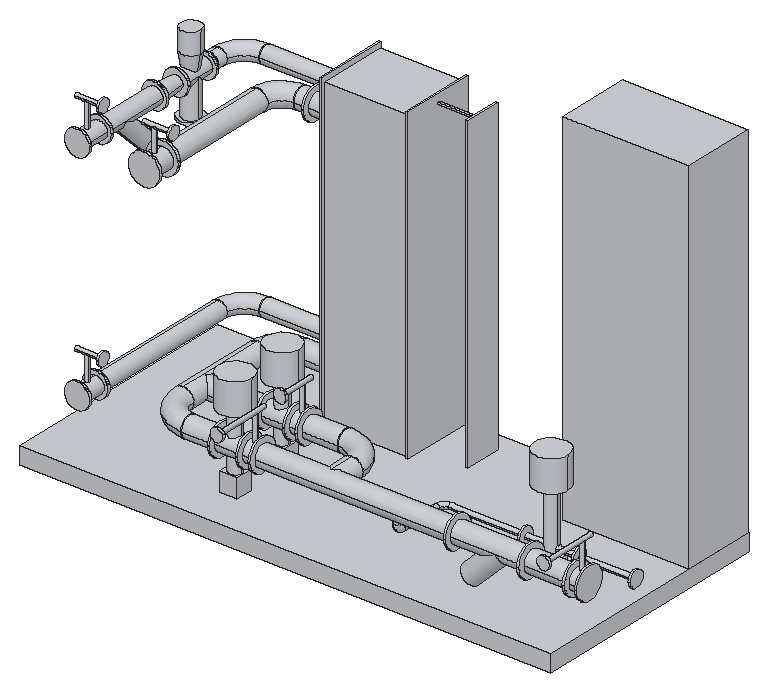
Revit family "换热机组 - 0.5-4.0 MW", category 机械设备, Revit 2020 (continued)
Dimensions and locks
  aligned and locked: Extrusion 52 to plane 128
  aligned and locked: plane 14 to Extrusion 53 sketch curve
  aligned and locked: plane 139 to Extrusion 53 sketch curve
  aligned and locked: Extrusion 53 to plane 140
  aligned and locked: plane 133 to Extrusion 53
  aligned and locked: Extrusion 54 to plane 133
  aligned and locked: plane 134 to Extrusion 54
  aligned and locked: plane 14 to Extrusion 55 sketch curve
  aligned and locked: plane 139 to Extrusion 55 sketch curve
  aligned and locked: Extrusion 55 to plane 134
  aligned and locked: plane 135 to Extrusion 55
  aligned and locked: plane 13 to Extrusion 56 sketch curve
  aligned and locked: plane 139 to Extrusion 56 sketch curve
  aligned and locked: Extrusion 56 to plane 140
  aligned and locked: plane 133 to Extrusion 56
  aligned and locked: plane 13 to Extrusion 57 sketch curve
  aligned and locked: plane 139 to Extrusion 57 sketch curve
  aligned and locked: Extrusion 57 to plane 133
  aligned and locked: plane 134 to Extrusion 57
  aligned and locked: plane 13 to Extrusion 58 sketch curve
  aligned and locked: plane 139 to Extrusion 58 sketch curve
  aligned and locked: Extrusion 58 to plane 134
  aligned and locked: plane 135 to Extrusion 58
  aligned and locked: plane 140 to Extrusion 59 sketch curve
  aligned and locked: Extrusion 59 sketch curve to plane 9
  aligned and locked: Extrusion 59 sketch curve to plane 106
  aligned and locked: plane 107 to Extrusion 59 sketch curve
  aligned and locked: Extrusion 59 to plane 138
  aligned and locked: plane 137 to Extrusion 59
  aligned and locked: plane 140 to Extrusion 60 sketch curve
  aligned and locked: Extrusion 60 sketch curve to plane 9
  aligned and locked: Extrusion 60 sketch curve to plane 106
  aligned and locked: plane 107 to Extrusion 60 sketch curve
  aligned and locked: plane 141 to Extrusion 60
  aligned and locked: Extrusion 60 to plane 142
  aligned and locked: plane 14 to Extrusion 61 sketch curve
  aligned and locked: plane 143 to Extrusion 61 sketch curve
  aligned and locked: Extrusion 61 to plane 133
  aligned and locked: plane 134 to Extrusion 61
  aligned and locked: plane 14 to Extrusion 62 sketch curve
  aligned and locked: plane 143 to Extrusion 62 sketch curve
  aligned and locked: Extrusion 62 to plane 134
  aligned and locked: plane 135 to Extrusion 62
  aligned and locked: plane 144 to Extrusion 63 sketch curve
  aligned and locked: Extrusion 63 sketch curve to plane 9
  aligned and locked: Extrusion 63 sketch curve to plane 145
  aligned and locked: plane 146 to Extrusion 63 sketch curve
  aligned and locked: plane 147 to Extrusion 63
  aligned and locked: Extrusion 63 to plane 148
  aligned and locked: plane 14 to Extrusion 64 sketch curve
  aligned and locked: plane 143 to Extrusion 64 sketch curve
  aligned and locked: Extrusion 64 to plane 144
  aligned and locked: plane 133 to Extrusion 64
  aligned and locked: plane 150 to Extrusion 65 sketch curve
  aligned and locked: plane 151 to Extrusion 65 sketch curve
  aligned and locked: Extrusion 65 to plane 153
  aligned and locked: plane 150 to Extrusion 66 sketch curve
  aligned and locked: plane 151 to Extrusion 66 sketch curve
  aligned and locked: plane 157 to Extrusion 66
  aligned and locked: plane 159 to Extrusion 67 sketch curve
  aligned and locked: plane 151 to Extrusion 67 sketch curve
  aligned and locked: Extrusion 67 to plane 153
  aligned and locked: plane 154 to Extrusion 67
  aligned and locked: plane 162 to Extrusion 68 sketch curve
  aligned and locked: plane 160 to Extrusion 68 sketch curve
  aligned and locked: plane 162 to Extrusion 69 sketch curve
  aligned and locked: plane 164 to Extrusion 69 sketch curve
  aligned and locked: plane 154 to Extrusion 65
  aligned and locked: Extrusion 66 to plane 156
  aligned and locked: plane 162 to Extrusion 70 sketch curve
  aligned and locked: plane 160 to Extrusion 70 sketch curve
  aligned and locked: plane 166 to Extrusion 70
  aligned and locked: Extrusion 70 to plane 167
  aligned and locked: plane 170 to Extrusion 71 sketch curve
  aligned and locked: plane 16 to Extrusion 71 sketch curve
  aligned and locked: Extrusion 71 to plane 171
  aligned and locked: plane 172 to Extrusion 71
  aligned and locked: plane 171 to SweptBlend 72 sketch curve
  aligned and locked: plane 11 to SweptBlend 72 sketch curve
  aligned and locked: plane 170 to SweptBlend 72 sketch curve  (x3)
  aligned and locked: plane 16 to SweptBlend 72 sketch curve  (x2)
  aligned and locked: plane 170 to Extrusion 73 sketch curve
  aligned and locked: plane 16 to Extrusion 73 sketch curve
  aligned and locked: plane 176 to Extrusion 73
  aligned and locked: Extrusion 73 to plane 177
  aligned and locked: plane 170 to Extrusion 74 sketch curve
  aligned and locked: plane 16 to Extrusion 74 sketch curve
  aligned and locked: plane 11 to Extrusion 74
  aligned and locked: Extrusion 74 to plane 177
  aligned and locked: plane 168 to Extrusion 75 sketch curve
  aligned and locked: plane 16 to Extrusion 75 sketch curve
  aligned and locked: Extrusion 75 to plane 10
  aligned and locked: plane 159 to Extrusion 75
  aligned and locked: plane 159 to Extrusion 76 sketch curve
  aligned and locked: plane 168 to Extrusion 76 sketch curve
  aligned and locked: plane 153 to Extrusion 76
  aligned and locked: Extrusion 76 to plane 178
  aligned and locked: plane 168 to Extrusion 77 sketch curve
  aligned and locked: plane 16 to Extrusion 77 sketch curve
  aligned and locked: Extrusion 77 to plane 11
  aligned and locked: plane 150 to Extrusion 77
  aligned and locked: plane 150 to Extrusion 78 sketch curve
  aligned and locked: plane 168 to Extrusion 78 sketch curve
  aligned and locked: Extrusion 78 to plane 178
  aligned and locked: plane 153 to Extrusion 78
  aligned and locked: plane 150 to Extrusion 79 sketch curve
  aligned and locked: plane 168 to Extrusion 79 sketch curve
  aligned and locked: Extrusion 79 to plane 179
  aligned and locked: plane 156 to Extrusion 79
  aligned and locked: plane 168 to Extrusion 80 sketch curve
  aligned and locked: plane 15 to Extrusion 80 sketch curve
  aligned and locked: Extrusion 80 to plane 11
  aligned and locked: plane 150 to Extrusion 80
  aligned and locked: plane 14 to Extrusion 81 sketch curve
  aligned and locked: plane 160 to Extrusion 81 sketch curve
  aligned and locked: Extrusion 81 to plane 10
  aligned and locked: plane 162 to Extrusion 81
  aligned and locked: plane 13 to Extrusion 82 sketch curve
  aligned and locked: plane 160 to Extrusion 82 sketch curve
  aligned and locked: Extrusion 82 to plane 10
  aligned and locked: plane 162 to Extrusion 82
  aligned and locked: plane 162 to Extrusion 83 sketch curve
  aligned and locked: plane 160 to Extrusion 83 sketch curve
  aligned and locked: plane 162 to Extrusion 84 sketch curve
  aligned and locked: plane 160 to Extrusion 84 sketch curve
  aligned and locked: Extrusion 83 to plane 166
  aligned and locked: Extrusion 83 to plane 180
  aligned and locked: Extrusion 84 to plane 181
  aligned and locked: plane 10 to Extrusion 85 sketch curve
  aligned and locked: plane 16 to Extrusion 85 sketch curve
  aligned and locked: plane 182 to Extrusion 85
  aligned and locked: Extrusion 85 to plane 183
  aligned and locked: plane 13 to Extrusion 86 sketch curve
  aligned and locked: plane 164 to Extrusion 86 sketch curve
  aligned and locked: plane 162 to Extrusion 86
  aligned and locked: Extrusion 86 to plane 10
  aligned and locked: plane 162 to Extrusion 87 sketch curve
  aligned and locked: plane 164 to Extrusion 87 sketch curve
  aligned and locked: Extrusion 87 to plane 181
  aligned and locked: profile plane to Sweep 88 sketch curve  (x2)
  aligned and locked: plane 35 to Sweep 88 sketch curve  (x2)
  aligned and locked: plane 37 to Sweep 88 sketch curve
  aligned and locked: plane 34 to Sweep 88 sketch curve
  aligned and locked: profile plane to Sweep 89 sketch curve  (x2)
  aligned and locked: plane 69 to Sweep 89 sketch curve  (x2)
  aligned and locked: plane 40 to Sweep 89 sketch curve  (x2)
  aligned and locked: plane 35 to Sweep 90 sketch curve  (x2)
  aligned and locked: plane 34 to Sweep 90 sketch curve  (x2)
  aligned and locked: plane 40 to Sweep 91 sketch curve  (x2)
  aligned and locked: plane 69 to Sweep 91 sketch curve  (x2)
  aligned and locked: plane 188 to curve 1
  aligned and locked: curve 1 to plane 186
  aligned and locked: plane 5 to curve 2
  aligned and locked: plane 188 to curve 2
  aligned and locked: curve 2 to plane 187
  aligned and locked: plane 195 to curve 4
  aligned and locked: curve 4 to plane 194
  aligned and locked: plane 5 to curve 3
  aligned and locked: plane 195 to curve 3
  aligned and locked: curve 3 to plane 193
  aligned and locked: plane 199 to curve 5
  aligned and locked: plane 6 to curve 6
  aligned and locked: plane 199 to curve 6
  aligned and locked: curve 6 to plane 198
  aligned and locked: curve 5 to plane 197
  aligned and locked: plane 9 to Extrusion 92 sketch curve
  aligned and locked: Extrusion 92 sketch curve to plane 2
  aligned and locked: Extrusion 92 sketch curve to plane 7
  aligned and locked: plane 1 "中心(前/后)" to Extrusion 92 sketch curve
  aligned and locked: Extrusion 92 to plane 3 "中心(左/右)"
  aligned and locked: plane 5 to Extrusion 92
  aligned and locked: plane 8 to Extrusion 93 sketch curve
  aligned and locked: Extrusion 93 sketch curve to plane 2
  aligned and locked: Extrusion 93 sketch curve to plane 3 "中心(左/右)"
  aligned and locked: plane 5 to Extrusion 93 sketch curve
  aligned and locked: plane 1 "中心(前/后)" to Extrusion 93
  aligned and locked: Extrusion 93 to plane 7
  aligned and locked: plane 216 to curve 7
  aligned and locked: plane 222 to curve 7
  aligned and locked: curve 7 to plane 209
  aligned and locked: plane 209 to curve 9
  aligned and locked: plane 217 to curve 11
  aligned and locked: curve 10 to plane 211
  aligned and locked: curve 11 to plane 212
  aligned and locked: plane 201 to curve 12  (x2)
  aligned and locked: plane 222 to curve 12
  aligned and locked: plane 216 to curve 12
  aligned and locked: plane 3 "中心(左/右)" to curve 14
  aligned and locked: plane 215 to curve 14
  aligned and locked: curve 14 to plane 201
  aligned and locked: plane 8 to curve 13
  aligned and locked: plane 201 to curve 13
  aligned and locked: curve 13 to plane 215
  aligned and locked: plane 210 to curve 17  (x2)
  aligned and locked: plane 216 to curve 17
  aligned and locked: plane 221 to curve 17
  aligned and locked: plane 11 to Extrusion 94 sketch curve
  aligned and locked: plane 16 to Extrusion 94 sketch curve
  aligned and locked: plane 21 to Extrusion 94
  aligned and locked: Extrusion 94 to plane 28
  aligned and locked: plane 10 to curve 18
  aligned and locked: plane 223 to curve 18
  aligned and locked: plane 11 to curve 20
  aligned and locked: plane 225 to curve 20
  aligned and locked: Extrusion 97 sketch curve to plane 9
  aligned and locked: plane 8 to Extrusion 97 sketch curve
  aligned and locked: Extrusion 97 sketch curve to plane 90
  aligned and locked: plane 5 to Extrusion 97 sketch curve
  aligned and locked: Extrusion 97 to plane 7
  aligned and locked: plane 40 to Extrusion 97
  aligned and locked: plane 1 "中心(前/后)" to cut or joined group 1 (Extrusion 1, Extrusion 2, Extrusion 3, Revolve 4, Extrusion 5, Extrusion 6, Revolve 7, Extrusion 8, Extrusion 9, Extrusion 10, Extrusion 16, Extrusion 17, Extrusion 18, Extrusion 19, Extrusion 20, Extrusion 21, Extrusion 22, Extrusion 23, Extrusion 24, Extrusion 25, Extrusion 27, Extrusion 28, Extrusion 29, Extrusion 30, Extrusion 31, Extrusion 32, Extrusion 33, Extrusion 34, Sweep 35, Extrusion 36, Sweep 37, Extrusion 38, Extrusion 39, Extrusion 41, Extrusion 42, Extrusion 43, Extrusion 44, Extrusion 45, Extrusion 46, Extrusion 47, Extrusion 48, Extrusion 49, Extrusion 50, Extrusion 51, Extrusion 52, Extrusion 53, Extrusion 56, Extrusion 64, Extrusion 65, Extrusion 66, Extrusion 67, Extrusion 68, Extrusion 69, Extrusion 70, Extrusion 71), SweptBlend 72, Extrusion 73, Extrusion 74, Extrusion 75, Extrusion 76, Extrusion 77, Extrusion 78, Extrusion 79, Extrusion 80, Extrusion 81, Extrusion 82, Extrusion 83, Extrusion 84, Extrusion 85, Extrusion 86, Extrusion 87, Extrusion 94, Sweep 95, Sweep 96  (x4)
  aligned and locked: cut or joined group 1, SweptBlend 72, Extrusion 73, Extrusion 74, Extrusion 75, Extrusion 76, Extrusion 77, Extrusion 78, Extrusion 79, Extrusion 80, Extrusion 81, Extrusion 82, Extrusion 83, Extrusion 84, Extrusion 85, Extrusion 86, Extrusion 87, Extrusion 94, Sweep 95, Sweep 96 to plane 214  (x2)
Automatic sketch dimensions
  Revolve 4 sketch curve to plane 16 = 0 mm
  Revolve 4 sketch curve to plane 14 = 41.2 mm
  plane 20 to Revolve 4 sketch curve = 45 mm
  plane 1 "中心(前/后)" to Revolve 7 sketch curve = 2826.516 mm
  Revolve 7 sketch curve to plane 7 = 115.421 mm
  Extrusion 12 sketch curve to plane 46 = 10 mm
  Extrusion 13 sketch curve to plane 46 = 10 mm
  plane 10 to Sweep 26 sketch curve = 0 mm
  Sweep 26 sketch curve to profile plane = 0 mm
  Sweep 35 sketch curve to plane 12 = 0 mm
  Sweep 35 sketch curve to profile plane = 0 mm
  Sweep 37 sketch curve to plane 82 = 0 mm
  Sweep 37 sketch curve to profile plane = 0 mm
  plane 10 to Sweep 40 sketch curve = 0 mm
  Sweep 40 sketch curve to profile plane = 0 mm
  Extrusion 54 sketch curve to plane 14 = 0 mm
  Extrusion 54 sketch curve to plane 139 = 0 mm
  Sweep 90 sketch curve to plane 10 = 0 mm
  profile plane to Sweep 90 sketch curve = 0 mm
  Sweep 91 sketch curve to plane 10 = 0 mm
  profile plane to Sweep 91 sketch curve = 0 mm
  curve 1 to plane 5 = 0 mm
  curve 4 to plane 5 = 0 mm
  curve 5 to plane 6 = 0 mm
  curve 15 to plane 220 = 0 mm
  curve 10 to plane 218 = 0 mm
  curve 10 to plane 219 = 0.511 mm
  Sweep 95 sketch curve to profile plane = 0 mm
  profile plane to Sweep 95 sketch curve = 0 mm
  Sweep 96 sketch curve to profile plane = 0 mm  (x2)
Connectors
  piping at (470, 150, 1360), diameter 100, driven by "供水流量", driven by "供水压降", driven by "供水半径"
    settings: on cut or joined group 1, SweptBlend 72, Extrusion 73, Extrusion 74, Extrusion 75, Extrusion 76, Extrusion 77, Extrusion 78, Extrusion 79, Extrusion 80, Extrusion 81, Extrusion 82, Extrusion 83, Extrusion 84, Extrusion 85, Extrusion 86, Extrusion 87, Extrusion 94, Sweep 95, Sweep 96, index 1, connector inside diameter 100 mm, connector length 0 mm, flow factor 0, pipe flow 0.0 L/s, pressure drop 0.0 Pa, fitting loss kfactor 0, connector angle 0.00°, fixture units 0, engagement length 0 mm, angle of deflection 0.00°, flow configuration 0, flow direction 2, fitting loss method 4, system type 7, joint type 0, gender type 0, connector reference index 2, connector utility 0, adjustable connector no, is connector primary yes, connector description "供水出口"
  piping at (2526, 232, 280), diameter 100, driven by "回水流量", driven by "回水半径"
    settings: on cut or joined group 1, SweptBlend 72, Extrusion 73, Extrusion 74, Extrusion 75, Extrusion 76, Extrusion 77, Extrusion 78, Extrusion 79, Extrusion 80, Extrusion 81, Extrusion 82, Extrusion 83, Extrusion 84, Extrusion 85, Extrusion 86, Extrusion 87, Extrusion 94, Sweep 95, Sweep 96, index 2, connector inside diameter 100 mm, connector length 0 mm, flow factor 0, pipe flow 0.0 L/s, pressure drop 0.0 Pa, fitting loss kfactor 0, connector angle 0.00°, fixture units 0, engagement length 0 mm, angle of deflection 0.00°, flow configuration 0, flow direction 1, fitting loss method 0, system type 8, joint type 0, gender type 0, connector reference index 1, connector utility 0, adjustable connector no, is connector primary no, connector description "回水进口"
  piping at (150, 150, 1360), diameter 80, driven by "一次水流量", driven by "一次水进口半径"
    settings: on cut or joined group 1, SweptBlend 72, Extrusion 73, Extrusion 74, Extrusion 75, Extrusion 76, Extrusion 77, Extrusion 78, Extrusion 79, Extrusion 80, Extrusion 81, Extrusion 82, Extrusion 83, Extrusion 84, Extrusion 85, Extrusion 86, Extrusion 87, Extrusion 94, Sweep 95, Sweep 96, index 3, connector inside diameter 80 mm, connector length 0 mm, flow factor 0, pipe flow 0.0 L/s, pressure drop 0.0 Pa, fitting loss kfactor 0, connector angle 0.00°, fixture units 0, engagement length 0 mm, angle of deflection 0.00°, flow configuration 1, flow direction 1, fitting loss method 0, system type 29, joint type 0, gender type 0, connector reference index 4, connector utility 0, adjustable connector no, is connector primary no, connector description "一次水进口"
  piping at (150, 150, 280), diameter 80, driven by "一次水流量", driven by "一次水压降", driven by "一次水出口半径"
    settings: on cut or joined group 1, SweptBlend 72, Extrusion 73, Extrusion 74, Extrusion 75, Extrusion 76, Extrusion 77, Extrusion 78, Extrusion 79, Extrusion 80, Extrusion 81, Extrusion 82, Extrusion 83, Extrusion 84, Extrusion 85, Extrusion 86, Extrusion 87, Extrusion 94, Sweep 95, Sweep 96, index 4, connector inside diameter 80 mm, connector length 0 mm, flow factor 0, pipe flow 0.0 L/s, pressure drop 0.0 Pa, fitting loss kfactor 0, connector angle 0.00°, fixture units 0, engagement length 0 mm, angle of deflection 0.00°, flow configuration 1, flow direction 2, fitting loss method 4, system type 29, joint type 0, gender type 0, connector reference index 3, connector utility 0, adjustable connector no, is connector primary no, connector description "一次水出口"
  piping at (2526, 512, 175), diameter 25, driven by "补给水流量", driven by "补水管半径"
    settings: on cut or joined group 1, SweptBlend 72, Extrusion 73, Extrusion 74, Extrusion 75, Extrusion 76, Extrusion 77, Extrusion 78, Extrusion 79, Extrusion 80, Extrusion 81, Extrusion 82, Extrusion 83, Extrusion 84, Extrusion 85, Extrusion 86, Extrusion 87, Extrusion 94, Sweep 95, Sweep 96, index 5, connector inside diameter 25 mm, connector length 0 mm, flow factor 0, pipe flow 0.0 L/s, pressure drop 0.0 Pa, fitting loss kfactor 0, connector angle 0.00°, fixture units 0, engagement length 0 mm, angle of deflection 0.00°, flow configuration 1, flow direction 1, fitting loss method 0, system type 29, joint type 0, gender type 0, connector reference index -1, connector utility 0, adjustable connector no, is connector primary no, connector description "补给水入口"
  electrical at (2526, 1000.45, 940), driven by "极数", driven by "负荷分类", driven by "电压", driven by "视在负荷"
    settings: on Extrusion 97, index 6, voltage 380 V, apparent load 15.00 kW, apparent load phase1 0.00 kW, apparent load phase2 0.00 kW, apparent load phase3 0.00 kW, power factor 0.8, load classification "采暖", number of poles 3, system type 30, power factor state 1, is connector primary yes, connector utility no, sub classification motor no, connector description ""
Types (3, lengths in mm): name | 粗糙系数 | 管道状态 | 局部阻力系数 | 宽度 8 | 宽度 7 | 宽度 6 | 宽度 5 | 宽度 4 | 宽度 3 | 宽度 2 | 宽度 1 | 重量 | 型号 | 供水半径 | 供水法兰半径 | 供水法兰直径 | 供水直径 | 回水半径 | 回水法兰半径 | 回水法兰直径 | 回水直径 | 半径 9 | 半径 4 | 半径 3 | 半径 2 | 半径 1 | 一次水出口半径 | 一次水出口法兰半径 | 一次水出口法兰直径 | 一次水出口直径 | 一次水进口半径 | 一次水进口直径 | 一次水进口法兰半径 | 一次水进口法兰直径 | 补水管半径 | 补水管法兰半径 | 补水管法兰直径 | 补水管直径 | 长度 6 | 长度 5 | 长度 4 | 长度 3 | 长度 2 | 长度 1 | 高度 4 | 高度 3 | 高度 2 | 高度 1 | 换热量 | 热交换器宽度 | 热交换器长度 | 热交换器高度 | 视在负荷
  0.50-1.25 MW | 0.200 mm | "正常" | 0.200 mm | 88.275 | 353.1 | 235.4 | 64 | 470.8 | 117.7 | 280 | 232 | "1500 kg" | "0.5-1.25MW" | 50 | 75 | 150 | 100 | 50 | 75 | 150 | 100 | 48 | 37.5 | 150 | 117.7 | 125.4 | 40 | 60 | 120 | 80 | 40 | 80 | 60 | 120 | 12.5 | 37.5 | 75 | 25 | 102.8 | 205.6 | 50.52 | 411.2 | 2056 | 320 | 87.5 | 175 | 280 | 1080 | 1250.00 kW | 1177 | 2526 | 1800 | 15.00 kW
  1.00-2.50 MW | 0.000 mm | "" | 0.000 mm | 99.075 | 396.3 | 264.2 | 80 | 528.4 | 132.1 | 497 | 124 | "2500 kg" | 0 | 62.5 | 93.75 | 187.5 | 125 | 62.5 | 93.75 | 187.5 | 125 | 60 | 48 | 187.5 | 132.1 | 139.2 | 50 | 75 | 150 | 100 | 50 | 100 | 75 | 150 | 16 | 48 | 96 | 32 | 117 | 234 | 56.06 | 468 | 2340 | 320 | 87.5 | 175 | 325 | 1040 | 2500.00 kW | 1321 | 2803 | 1900 | 30.00 kW
  2.00-4.00 MW | 0.000 mm | "" | 0.000 mm | 119.7 | 478.8 | 319.2 | 100 | 638.4 | 159.6 | 583 | 123 | "3500 kg" | 0 | 75 | 112.5 | 225 | 150 | 75 | 112.5 | 225 | 150 | 75 | 60 | 225 | 159.6 | 175.45 | 62.5 | 93.75 | 187.5 | 125 | 62.5 | 125 | 93.75 | 187.5 | 20 | 60 | 120 | 40 | 144 | 288 | 67.4 | 576 | 2880 | 381 | 97.5 | 195 | 526 | 710 | 4000.00 kW | 1596 | 3370 | 2000 | 45.00 kW
